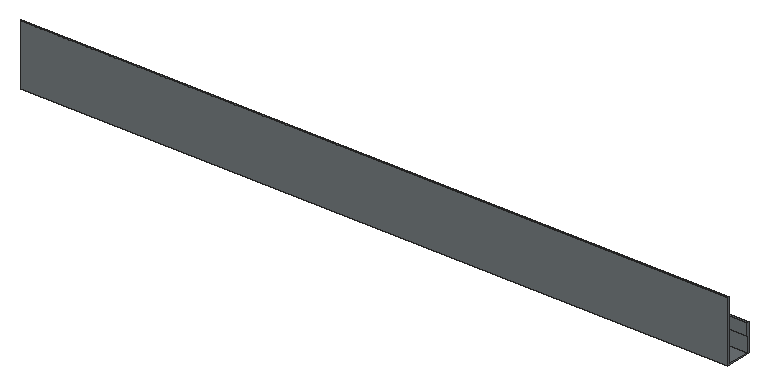
Revit family "BIMLIB_ПланкаJПрофиль_GRANDLINE", category Обобщенные модели, Revit 2017
Family settings
  Может служить основой для арматурных стержней = Нет
  Размер круглого соединителя = Использовать диаметр
  Тип детали = Нормальный
  При загрузке вырезать с полостями = Нет
  Общий = Нет
  Точка расчета площади = Нет
Parameters (values of type "J профиль")
  Угол [instance] = if(Положение_вертикальное, 0.00°, 90.00°)  # 0.00°
  Смещение от плоскости [instance] = 0 mm
  Профиль развернут [instance] = not(Положение_вертикальное)  # no
  Положение_вертикальное [instance] = yes
  Описание = ADSK_Наименование  # "J-профиль 18мм"
  Изготовитель = "Grand Line"  # constant formula
  built-in parameter 1001306 [instance] = 500 mm
  Watermark [instance] = "Модели защищены уникальным кодом"
  URL = "https://www.grandline.ru"
  BL_Разработано = "support@bimlib.pro"
  BL_Email = "info@grandline.ru"
  BL_BIM library = "https://bimlib.pro/manufacturer/company/22430"
  ADSK_Размер_Ширина = 18 mm
  ADSK_Размер_Длина [instance] = [built-in parameter 1001306]  # 500 mm
  ADSK_Обозначение = "ГОСТ 19904-90, ГОСТ 14918-80"
  ADSK_Наименование = "J-профиль 18мм"
  ADSK_Материал тип подсчета = 1  # constant formula
  ADSK_Материал = GL_Drap_RAL7016
  ADSK_Масса_Текст [instance] = ""
  ADSK_Масса [instance] = 0
  ADSK_Марка = ""
  ADSK_Количество [instance] = if(ADSK_Материал тип подсчета = 0, 1, if(ADSK_Материал тип подсчета = 1, ADSK_Размер_Длина / 1000 mm, 0))  # 0.5
  ADSK_Код изделия = "M18.004.002"  # constant formula
  ADSK_Завод-изготовитель = "Grand Line"  # constant formula
  ADSK_Единица измерения = "м"  # constant formula
  ADSK_Группирование = "Доборные элементы"  # constant formula
  ADSK_Версия Revit = "2017"  # constant formula
  ADSK_URL страницы изделия = "https://www.grandline.ru/profil-j-3-00-gl-kremovyy-70600.html"
  ADSK_URL документации изделия = "https://www.grandline.ru/uploads/files/chertezhi_vse/vinil_siding/chertezhi/J_profil.jpg"
Reference planes
  plane 1 "По центру (Вперед/Назад)": y = 0
  plane 2: z = 0
  plane 3 "Слева": x = 0
  plane 4 "Справа": x = 500
Forms (mm)
  Sweep 1, solid, material "GL_Drap_RAL7016" <- "ADSK_Материал"
    path in 3D
      loop
        line (0, 0, 0) -> (500, 0, 0)
    profile "Профиль_ПланкаJПрофиль : Профиль" origin (250, 0, 0) x (0, 1, 0) y (0, 0, 1)
      loop
        line (-0.8, 43) -> (-0.8, 0) -> (17.2, 0) -> (17.2, 20) -> (15.6, 20) -> (15.6, 12) -> (16.4, 12) -> (16.4, 0.8) -> (0, 0.8) -> (0, 43) -> (-0.8, 43)
Lines and regions (mm)
  reference lines
    curve 1: line (0, 0, 0) -> (500, 0, 0)
  sketch lines
    curve 2: line (0, 0, 0) -> (500, 0, 0)
Dimensions and locks
  "built-in parameter 1001306": plane 3 "Слева" to plane 4 "Справа"
  aligned and locked: plane 4 "Справа" to curve 1
  aligned and locked: plane 1 "По центру (Вперед/Назад)" to curve 1
  aligned and locked: plane 3 "Слева" to curve 1
  aligned and locked: level to plane 2
